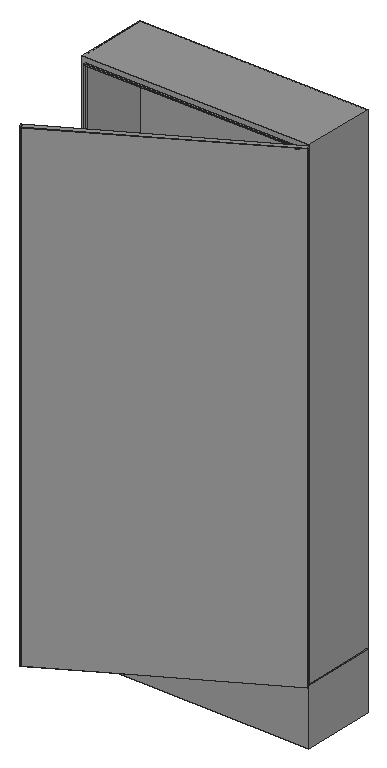
Revit family "Hager-Univers-IP55-D275-H1900-Cl.I-Steel_encl-NoHosted-CH-en", category Equipement électrique, Revit 2020
Family settings
  Configuration du panneau = Deux colonnes, circuits au sein
  Cote de connecteur circulaire = Utiliser le diamètre
  Type d'élément = Tableau de raccordement
  Basée sur le plan de construction = Oui
  Toujours verticalement = Oui
  Couper avec des vides une fois chargée = Non
  Partagée = Non
  Point de calcul de pièce = Non
Parameters (values of type "Floor installation IP55 W800 H1900 D275  - FR13E2")
  Width Control [instance] = if([EF000008 - Width] > Min Width, [EF000008 - Width], Min Width)  # 800 mm
  Commentaires du type = [HG000003 - Range]  # "Univers"
  Thickness Door [instance] = if([EF009171 - Material plate thickness door/cover] > 3 mm, 3 mm, [EF009171 - Material plate thickness door/cover])  # 1.5 mm
  Seal Frame Offset [instance] = 17 mm  # constant formula
  Plinth Visibility [instance] = [HG000027 - Plinth height] > 0 mm  # yes
  Min Width [instance] = 100 mm  # constant formula
  Min Depth [instance] = (2 * [EF009170 - Material plate thickness cabinet]) + 1 mm  # 4 mm
  Min Height [instance] = 100 mm  # constant formula
  Internal Frame Depth [instance] = (Door System Depth * 0.5)  # 9 mm
  Panel Name [instance] = ""  # (empty or 0)
  Model = ""
  HG000027 - Plinth height = 200 mm
  HG000026 - Floor standing = yes
  HG000024 - Bottom section height = 600 mm
  HG000023 - Double section enclosure = no
  HG000016 - Door 3d visibility [instance] = yes
  HG000015 - Clearance visibility [instance] = no
  HG000014 - Door on the right [instance] = yes
  HG000013 - Door on the left [instance] = not([HG000014 - Door on the right])  # no
  HG000012 - Door swing angle [instance] = 30.00°
  HG000010 - Asymmetric doors = no
  HG000009 - Double swing door = no
  HG000006 - Flush mounted = no
  HG000004 - Manufacturer reference = "FR13E2"
  HG000003 - Range = "Univers"
  HG000002 - With door or cover = yes
  Frame Offset Bottom [instance] = 10 mm  # constant formula
  Frame Offset [instance] = 15 mm  # constant formula
  EF015940 - Cover with overpressure release = no
  EF011959 - Degree of protection (NEMA) = ""
  EF009554 - Number of openings for flange plates = 6
  EF009212 - Cover model = "EV000116 - Closed"
  EF009171 - Material plate thickness door/cover = 1.5 mm
  EF009170 - Material plate thickness cabinet = 1.5 mm
  EF008873 - Nominal current (In) = 800 A
  EF007800 - Suitable for lightning protection = no
  EF006306 - With lock = no
  EF006244 - Transparent cover/door = no
  EF005474 - Degree of protection (IP) = "EV006420 - IP55"
  EF004464 - Type of door = "EV002646 - Single"
  EF004427 - Number of modules = 396
  EF004293 - Impact strength = "EV008784 - IK10"
  EF003532 - Suitable for outdoor use = no
  EF002950 - Width in number of modular spacings = 24
  EF001613 - Circuit integrity = "EV000494 - None"
  EF001596 - Material housing = "EV000179 - Steel"
  EF001131 - Internal depth = 275 mm
  EF001088 - Extension possible = yes
  EF000437 - Number of conduit inlets = 6
  EF000339 - Type of cover = "EV004216 - Door"
  EF000266 - Number of rows = 11
  EF000218 - Built-in depth = 0 mm
  EF000118 - With mounting plate = no
  EF000116 - RAL-number = "7035"
  EF000049 - Depth = 275 mm
  EF000040 - Height = 1900 mm
  EF000008 - Width = 800 mm
  EF000007 - Colour = "EV000270 - Grey"
  EF000003 - Mounting method = "EV012274 - Floor installation"
  Door System Leaf Tolerance [instance] = 1.5 mm  # constant formula
  Door System Depth [instance] = 18 mm  # constant formula
  Door Height [instance] = Height Control - [HG000027 - Plinth height]  # 1700 mm
  Description = ""
  Default Elevation = 1219.2 mm
  Connector Offset [instance] = Height Control / 2  # 950 mm
  Fabricant = "Hager"  # constant formula
  Height Control [instance] = if([EF000040 - Height] > Min Height, [EF000040 - Height], Min Height)  # 1900 mm
  Depth Control [instance] = if([EF000049 - Depth] > Min Depth, [EF000049 - Depth], Min Depth)  # 275 mm
  Bottom Top Plate Trim [instance] = 1.5 mm  # constant formula
  Plinth height Ctrl [instance] = if([HG000027 - Plinth height] > 0 mm, [HG000027 - Plinth height], 12 mm)  # 200 mm
Types (5, lengths in mm): name | Width Control | HG000010 - Asymmetric doors | HG000009 - Double swing door | HG000004 - Manufacturer reference | EF009554 - Number of openings for flange plates | EF004464 - Type of door | EF004427 - Number of modules | EF000437 - Number of conduit inlets | EF000008 - Width
  Floor installation IP55 W1050 H1900 D275  - FR14E2 | 1050 | yes | yes | "FR14E2" | 8 | "EV003602 - Double" | 528 | 8 | 1050
  Floor installation IP55 W1300 H1900 D275  - FR15E2 | 1300 | yes | yes | "FR15E2" | 10 | "EV003602 - Double" | 660 | 10 | 1300
  Floor installation IP55 W300 H1900 D275  - FR11E2 | 300 | no | no | "FR11E2" | 2 | "EV002646 - Single" | 132 | 2 | 300
  Floor installation IP55 W550 H1900 D275  - FR12E2 | 550 | no | no | "FR12E2" | 4 | "EV002646 - Single" | 264 | 4 | 550
  Floor installation IP55 W800 H1900 D275  - FR13E2 | 800 | no | no | "FR13E2" | 6 | "EV002646 - Single" | 396 | 6 | 800
Reference planes
  plane 1 "Center (Front/Back)": y = 0
  plane 2: z = 0
  plane 3 "Center (Left/Right)": x = 0
  plane 4: y = 0
  plane 5: y = 0
  plane 6: z = 0
  plane 7: x = -400
  plane 8: x = 400
  plane 9: x = 398.5
  plane 10: x = -398.5
  plane 11: z = 200
  plane 12: z = 201.5
  plane 13: y = -275
  plane 14: y = -1.5
  plane 15: x = 0
  plane 16: y = -257
  plane 17: y = -273.5
  plane 18: y = -255.5
  plane 19: x = -383.5
  plane 20: x = 383.5
  plane 21: z = 211.5
  plane 22: x = -383
  plane 23: x = 383
  plane 24: z = 200
  plane 25: z = 1900
  plane 26: z = 1900
  plane 27: z = 1883.5
  plane 28: z = 1898.5
Forms (mm)
  Extrusion 1, solid, material "Hager_Steel_RAL7035_Light_Grey", detail levels medium+fine
    sketch origin (-208.679, -4572, 200) x (-1, 0, 0) y (0, -1, 0)
      loop
        line (191.321, -4315) -> (-608.679, -4315) -> (-608.679, -4572) -> (191.321, -4572) -> (191.321, -4315)
    from 0 to 1700
  Extrusion 2, void
    sketch origin (-350.771, -275, 1219.2) x (1, 0, 0) y (0, 0, 1)
      loop
        line (-47.729, 679.3) -> (-47.729, -1017.7) -> (749.271, -1017.7) -> (749.271, 679.3) -> (-47.729, 679.3)
    from -19.5 to -273.5
  Extrusion 3, void
    sketch origin (-290.084, -257, 1219.2) x (1, 0, 0) y (0, 0, 1)
      loop
        line (-93.416, -1007.7) -> (673.584, -1007.7) -> (673.584, 664.3) -> (-93.416, 664.3) -> (-93.416, -1007.7)
    from 0 to -1.5
  Extrusion 4, solid, material "Hager_Steel_RAL7035_Light_Grey", visible <- "Plinth Visibility", detail levels medium+fine
    sketch origin (0, 0, 0) x (1, 0, 0) y (0, 1, 0)
      loop
        line (-400, 0) -> (-400, -257) -> (400, -257) -> (400, 0) -> (-400, 0)
    from 0 to 200 <- "Plinth height Ctrl"
  Extrusion 5, solid, material "Hager_Steel_RAL7035_Light_Grey", detail levels coarse
    sketch origin (0, 0, 0) x (1, 0, 0) y (0, 1, 0)
      loop
        line (-400, 0) -> (-400, -275) -> (400, -275) -> (400, 0) -> (-400, 0)
    from 0 to 1900 <- "Height Control"
  Sweep 6, void
    path in 3D
      loop
        line (-400, -257, 200) -> (400, -257, 200) -> (400, 0, 200) -> (-400, 0, 200) -> (-400, -257, 200)
    profile origin (-400, -128.5, 200) x (1, 0, 0) y (0, 0, 1)
      loop
        line (0, 0) -> (0, -1.5) -> (1.5, -1.5)
        arc (1.5, -1.5) -> (1.061, -0.439) -> (0, 0) r 1.5
  Extrusion 7, solid, material "Hager_Steel_RAL7035_Light_Grey", detail levels fine
    sketch origin (-400, -257, 200) x (1, 0, 0) y (0, 0, 1)
      loop
        line (16.5, 11.5) -> (783.5, 11.5) -> (783.5, 1683.5) -> (16.5, 1683.5) -> (16.5, 11.5)
      loop
        line (15, 10) -> (785, 10) -> (785, 1685) -> (15, 1685) -> (15, 10)
    from 0 to 9 <- "Internal Frame Depth"
Cuts and joins
  Extrusion 2, Extrusion 3 cuts Extrusion 1
  Sweep 6 cuts Extrusion 4
Lines and regions (mm)
  Masking region 1
    outline origin (0, 0, 0) x (1, 0, 0) y (0, 1, 0)
      loop
        line (-400, 0) -> (-400, -275) -> (400, -275) -> (400, 0) -> (-400, 0)
  Masking region 2, detail levels coarse
    outline origin (-290.084, -257, 1219.2) x (-1, 0, 0) y (0, 0, 1)
      loop
        line (-690.084, -1219.2) -> (109.916, -1219.2) -> (109.916, 680.8) -> (-690.084, 680.8) -> (-690.084, -1219.2)
  Masking region 3, detail levels coarse
    outline origin (0, 0, 0) x (0, 1, 0) y (0, 0, 1)
      loop
        line (0, 0) -> (0, 1900) -> (-275, 1900) -> (-275, 0) -> (0, 0)
  Masking region 4, visible <- "Plinth Visibility", detail levels medium+fine
    outline origin (0, 0, 0) x (0, 1, 0) y (0, 0, 1)
      loop
        line (-1.5, 200) -> (-255.5, 200)
        arc (-255.5, 200) -> (-255.939, 198.939) -> (-257, 198.5) r 1.5
        line (-257, 198.5) -> (-257, 0) -> (0, 0) -> (0, 198.5)
        arc (0, 198.5) -> (-1.061, 198.939) -> (-1.5, 200) r 1.5
  Masking region 5, detail levels medium+fine
    outline origin (0, 0, 594.038) x (0, 1, 0) y (0, 0, 1)
      loop
        line (0, -394.038) -> (0, 1305.962) -> (-257, 1305.962) -> (-257, -394.038) -> (0, -394.038)
  Masking region 6, detail levels medium+fine
    outline origin (-359.7, -257, 1211.883) x (-1, 0, 0) y (0, 0, 1)
      loop
        line (-759.7, -1011.883) -> (40.3, -1011.883) -> (40.3, 688.117) -> (-759.7, 688.117) -> (-759.7, -1011.883)
  Masking region 7, visible <- "Plinth Visibility", detail levels medium+fine
    outline origin (-320.334, -257, 1041.368) x (-1, 0, 0) y (0, 0, 1)
      loop
        line (-720.334, -1041.368) -> (79.666, -1041.368) -> (79.666, -842.868)
        arc (79.666, -842.868) -> (78.606, -842.429) -> (78.166, -841.368) r 1.5
        line (78.166, -841.368) -> (-718.834, -841.368)
        arc (-718.834, -841.368) -> (-719.273, -842.429) -> (-720.334, -842.868) r 1.5
        line (-720.334, -842.868) -> (-720.334, -1041.368)
  sketch lines
    curve 1: line (-400, 0, 200) -> (-400, -257, 200)
    curve 2: line (-400, -257, 200) -> (400, -257, 200)
    curve 3: line (400, 0, 200) -> (-400, 0, 200)
    curve 4: line (400, -257, 200) -> (400, 0, 200)
Dimensions and locks
  locked: plane 1 "Center (Front/Back)" to plane 5
  "EF009170 - Material plate thickness cabinet": plane 7 to plane 10
  "EF009170 - Material plate thickness cabinet": plane 8 to plane 9
  equal spacing: plane 7, plane 3 "Center (Left/Right)", plane 8
  "Width Control": plane 7 to plane 8
  "Depth Control": plane 4 to plane 13
  "EF009170 - Material plate thickness cabinet": plane 4 to plane 14
  "Height Control": plane 25 to level
  "HG000027 - Plinth height": plane 11 to level
  "EF009170 - Material plate thickness cabinet": plane 12 to plane 11
  "EF009170 - Material plate thickness cabinet": plane 17 to plane 13
  "EF009170 - Material plate thickness cabinet": plane 18 to plane 16
  "Frame Offset Bottom": plane 21 to plane 12
  "Frame Offset": plane 10 to plane 19
  "Frame Offset": plane 9 to plane 20
  "Door System Depth": plane 16 to plane 13
  "Seal Frame Offset": plane 7 to plane 22
  "Seal Frame Offset": plane 8 to plane 23
  "EF009170 - Material plate thickness cabinet": plane 26 to plane 28
  "Frame Offset": plane 28 to plane 27
  "Connector Offset": plane 2 to connector elem
  "Bottom Top Plate Trim": profile plane to Sweep 6 sketch curve
  "Bottom Top Plate Trim": Sweep 6 sketch curve to Sweep 6 sketch curve
  "Plinth height Ctrl": Masking region 4 sketch curve to level
  "Plinth height Ctrl": Masking region 7 sketch curve to level
  "Thickness Door": Extrusion 7 sketch curve to Extrusion 7 sketch curve  (x4)
  "Bottom Top Plate Trim": radius of Sweep 6 sketch curve
  "Bottom Top Plate Trim": radius of Masking region 4 sketch curve  (x2)
  "Bottom Top Plate Trim": radius of Masking region 7 sketch curve  (x2)
  aligned and locked: Extrusion 2 sketch curve to plane 12
  aligned and locked: Extrusion 2 sketch curve to plane 9
  aligned and locked: Extrusion 2 sketch curve to plane 10
  aligned and locked: Extrusion 2 to plane 14
  aligned and locked: Extrusion 1 sketch curve to plane 4
  aligned and locked: plane 8 to Extrusion 1 sketch curve
  aligned and locked: plane 7 to Extrusion 1 sketch curve
  aligned and locked: Extrusion 2 to plane 18
  aligned and locked: Extrusion 3 sketch curve to plane 19
  aligned and locked: plane 20 to Extrusion 3 sketch curve
  aligned and locked: Extrusion 3 to Extrusion 2
  aligned and locked: Extrusion 3 sketch curve to plane 21
  aligned and locked: plane 3 "Center (Left/Right)" to nested 1
  aligned and locked: Extrusion 1 sketch curve to plane 16
  aligned and locked: Extrusion 4 sketch curve to cut or joined group of Extrusion 1, Extrusion 2, Extrusion 3
  aligned and locked: Masking region 1 sketch curve to plane 7
  aligned and locked: Masking region 1 sketch curve to plane 5
  aligned and locked: Masking region 1 sketch curve to plane 8
  aligned and locked: Masking region 2 sketch curve to level
  aligned and locked: level to Masking region 3 sketch curve
  aligned and locked: plane 1 "Center (Front/Back)" to Masking region 3 sketch curve
  aligned and locked: plane 13 to Masking region 3 sketch curve
  aligned and locked: plane 5 to Masking region 4 sketch curve
  aligned and locked: Masking region 2 sketch curve to plane 8
  aligned and locked: Masking region 2 sketch curve to plane 7
  aligned and locked: plane 7 to nested 2
  aligned and locked: nested 2 to plane 5
  aligned and locked: plane 5 to Masking region 5 sketch curve
  aligned and locked: plane 26 to Masking region 5 sketch curve
  aligned and locked: Extrusion 5 sketch curve to plane 8
  aligned and locked: Extrusion 5 sketch curve to plane 7
  aligned and locked: Extrusion 5 sketch curve to plane 5
  aligned and locked: Extrusion 3 sketch curve to plane 27
  aligned and locked: Extrusion 2 sketch curve to plane 28
  aligned and locked: Masking region 2 to plane 25
  aligned and locked: Extrusion 4 to plane 16
  aligned and locked: profile plane to Sweep 6 sketch curve
  aligned and locked: Masking region 5 sketch curve to plane 24
  aligned and locked: level to Masking region 4 sketch curve
  aligned and locked: Masking region 1 to plane 13
  aligned and locked: nested 1 to plane 16
  aligned and locked: Masking region 3 to plane 25
  aligned and locked: plane 16 to Masking region 4 sketch curve
  aligned and locked: Masking region 5 sketch curve to plane 16
  aligned and locked: plane 24 to plane 11
  aligned and locked: plane 26 to plane 25
  aligned and locked: plane 26 to cut or joined group of Extrusion 1, Extrusion 2, Extrusion 3
  aligned and locked: nested 1 to plane 24
  aligned and locked: Extrusion 1 to Extrusion 3
  aligned and locked: Masking region 6 sketch curve to plane 8
  aligned and locked: Masking region 6 sketch curve to plane 24
  aligned and locked: Masking region 6 sketch curve to plane 7
  aligned and locked: Masking region 6 sketch curve to plane 26
  aligned and locked: Masking region 7 sketch curve to plane 7
  aligned and locked: level to Masking region 7 sketch curve
  aligned and locked: Masking region 7 sketch curve to plane 8
  aligned and locked: Extrusion 7 sketch curve to cut or joined group of Extrusion 1, Extrusion 2, Extrusion 3  (x4)
Automatic sketch dimensions
  plane 19 to Extrusion 3 sketch curve = 0 mm
  Extrusion 3 sketch curve to plane 20 = 0 mm
  Extrusion 3 sketch curve to plane 21 = 0 mm
  Extrusion 4 sketch curve to plane 7 = 0 mm
  Extrusion 4 sketch curve to plane 8 = 0 mm
  Extrusion 4 sketch curve to plane 16 = 0 mm
  Masking region 1 sketch curve to plane 13 = 0 mm
  Masking region 2 sketch curve to plane 25 = 0 mm
  Masking region 3 sketch curve to plane 25 = 0 mm
  Extrusion 5 sketch curve to plane 13 = 0 mm
  profile plane to Sweep 6 sketch curve = 0 mm
Nested families
  nested 1: "EC000058_Univers_Door" at (0, -257, 200), Double <- "HG000009 - Double swing door", Transparent <- "EF006244 - Transparent cover/door", Angle <- "HG000012 - Door swing angle", Door_Right <- "HG000014 - Door on the right", Assymetrical <- "HG000010 - Asymmetric doors", Door <- "HG000002 - With door or cover", Width_Ctrl <- "Width Control", 3d_Door <- "HG000016 - Door 3d visibility", Clearance <- "HG000015 - Clearance visibility", Door_Left <- "HG000013 - Door on the left", Width <- "Width Control", Door_Depth <- "Door System Depth", Leaf_Tolerance <- "Door System Leaf Tolerance", Height <- "Door Height", Lock_Visibility <- "EF006306 - With lock", Thickness <- "Thickness Door", type "EC000058_Univers_Door", detail levels medium+fine
    with min_wh 4 mm, Width_Ctrl 800 mm, Width 800 mm, Transparent no, Thickness 1.5 mm, Seal_Material Hager_Rubber, Lock_Visibility no, Lock_Material Hager_Plastic_RAL9005_Jet_Black, Leaf_Width 800 mm, Leaf_Tolerance_External_Sides 0 mm, Leaf_Tolerance 1.5 mm, Leaf_Offset 0 mm, Leaf_Height 1697 mm, Leaf_2_Width 800 mm, Leaf_2_Offset 400 mm, Leaf_1_Width 800 mm, Leaf_1_Offset 400 mm, Height_Ctrl 1700 mm, Height 1700 mm, Glass_Material Hager_Glass, Double_Clearance_Ctrl no, Double no, Door_Right_Ctrl yes, Door_Right yes, Door_Material Hager_Steel_RAL7035_Light_Grey, Door_Left_Ctrl no, Door_Left no, Door_Depth 18 mm, Door yes, Clearance_Material Hager_Clearance, Clearance_Depth 800 mm, Clearance_Ctrl no, Clearance no, Assymetrical no, Angle 30.00°, 3d_Door yes
  nested 2: "Hager_Enclosure_Symbol" at (-400, 0, 0), Height <- "Depth Control", Width <- "Width Control", type "Hager_Enclosure_Symbol"
    with Width_Ctrl 800 mm, Width 800 mm, Height_Ctrl 275 mm, Height 275 mm, A_Width_Int 18.047 mm, A_Width 216.562 mm, A_Height_Ctrl 240.625 mm, A_Height 240.625 mm
Connectors
  electrical at (0, 0, 950)
    settings: on plane 1 "Center (Front/Back)", index 1, voltage 0 V, apparent load 0 VA, apparent load phase1 0 VA, apparent load phase2 0 VA, apparent load phase3 0 VA, power factor 1, load classification "Other", number of poles 1, system type 30, power factor state 1, is connector primary yes, connector utility no, sub classification motor no, connector description ""
Definition of nested family "EC000058_Univers_Door"
  Parameters (values of type "EC000058_Univers_Door")
    min_wh [instance] = (2 * Thickness) + 1 mm  # 11 mm
    Width_Ctrl [instance] = 400 mm
    Width [instance] = 500 mm
    Transparent [instance] = yes
    Thickness [instance] = 5 mm
    Seal_Material [instance] = none
    Lock_Visibility [instance] = yes
    Lock_Material [instance] = none
    Leaf_Width [instance] = if((Width_Ctrl - 2 * Leaf_Tolerance_External_Sides) > 0 mm, (Width_Ctrl - 2 * Leaf_Tolerance_External_Sides), min_wh)  # 400 mm
    Leaf_Tolerance_External_Sides [instance] = 0 mm  # constant formula
    Leaf_Tolerance [instance] = 1.5 mm
    Leaf_Offset [instance] = 0 mm  # constant formula
    Leaf_Height [instance] = if((Height_Ctrl - 2 * Leaf_Tolerance) > 0 mm, (Height_Ctrl - 2 * Leaf_Tolerance), min_wh)  # 497 mm
    Leaf_2_Width [instance] = if(and(and(Double, Assymetrical), Door_Left), (Leaf_Width / 3) - (Leaf_Tolerance / 2), if(and(and(Double, Assymetrical), Door_Right), (Leaf_Width / 3) * 2 - (Leaf_Tolerance / 2), if(and(Double, not(Assymetrical)), (Leaf_Width / 2) - Leaf_Tolerance, Leaf_Width)))  # 400 mm
    Leaf_2_Offset [instance] = if(and(Double, Assymetrical), Leaf_2_Width / 2, if(and(Double, not(Assymetrical)), Leaf_Width / 4, Leaf_Width / 2))  # 200 mm
    Leaf_1_Width [instance] = if(and(and(Double, Assymetrical), Door_Right), (Leaf_Width / 3) - (Leaf_Tolerance / 2), if(and(and(Double, Assymetrical), Door_Left), (Width / 3) * 2 - (Leaf_Tolerance / 2), if(and(Double, not(Assymetrical)), (Leaf_Width / 2) - Leaf_Tolerance, Leaf_Width)))  # 400 mm
    Leaf_1_Offset [instance] = if(and(Double, Assymetrical), Leaf_1_Width / 2, if(and(Double, not(Assymetrical)), Leaf_Width / 4, Leaf_Width / 2))  # 200 mm
    Height_Ctrl [instance] = if(Height > min_wh, Height, min_wh)  # 500 mm
    Height [instance] = 500 mm
    Glass_Material [instance] = none
    Double_Clearance_Ctrl [instance] = and(Double, Clearance)  # no
    Double [instance] = no
    Door_Right_Ctrl [instance] = and(or(Door_Right, Double), Door)  # yes
    Door_Right [instance] = yes
    Door_Material [instance] = none
    Door_Left_Ctrl [instance] = and(or(Door_Left, Double), Door)  # no
    Door_Left [instance] = no
    Door_Depth [instance] = 30 mm
    Door [instance] = yes
    Default Elevation = 1219.2 mm
    Clearance_Material [instance] = none
    Clearance_Depth [instance] = if(Leaf_1_Width > Leaf_2_Width, Leaf_1_Width, Leaf_2_Width)  # 400 mm
    Clearance_Ctrl [instance] = and(not(Double), Clearance)  # yes
    Clearance [instance] = yes
    Assymetrical [instance] = yes
    Angle [instance] = 30.00°
    3d_Door [instance] = yes
  Reference planes
    plane 1 "Center (Front/Back)": y = 0
    plane 2 "Bottom": z = 0
    plane 3 "Center (Left/Right)": x = 0
    plane 4: z = 500
    plane 5: x = -200
    plane 6: x = 200
    plane 7: z = 500
    plane 8: x = -200
    plane 9: z = 0
    plane 10: x = 200
    plane 11: y = 0
    plane 12: z = 1.5
    plane 13: x = -600
    plane 14: y = -400
    plane 15: x = 600
    plane 16: x = 0
    plane 17: x = 0
    plane 18: x = -200
    plane 19: x = 200
    plane 20: z = 498.5
  Forms (mm)
    Extrusion 1, solid, material <- "Clearance_Material", visible <- "Double_Clearance_Ctrl"
      sketch origin (1200, 0, 0) x (1, 0, 0) y (0, 0, -1)
        loop
          line (-1800, -498.5) -> (-600, -498.5) -> (-600, 0) -> (-1800, 0) -> (-1800, -498.5)
      from 0 to -400
  Dimensions and locks
    equal spacing: plane 5, plane 3 "Center (Left/Right)", plane 6
    "Width_Ctrl": plane 5 to plane 6
    "Leaf_Offset": plane 5 to plane 8
    "Leaf_Offset": plane 6 to plane 10
    "Leaf_Offset": plane 9 to level
    "Leaf_Offset": plane 4 to plane 7
    "Height_Ctrl": plane 4 to level
    "Leaf_Tolerance": plane 12 to plane 9
    locked: plane 11 to plane 1 "Center (Front/Back)"
    "Leaf_1_Offset": plane 18 to plane 16
    "Leaf_2_Offset": plane 17 to plane 19
    "Leaf_1_Width": plane 13 to plane 8
    "Leaf_2_Width": plane 10 to plane 15
    "Clearance_Depth": plane 14 to plane 1 "Center (Front/Back)"
    "Leaf_Tolerance_External_Sides": plane 8 to plane 18
    "Leaf_Tolerance_External_Sides": plane 19 to plane 10
    "Leaf_Tolerance": plane 7 to plane 20
    aligned and locked: level to plane 2 "Bottom"
    aligned and locked: nested 1 to plane 16
    aligned and locked: nested 2 to plane 17
    aligned and locked: Extrusion 1 to plane 13
    aligned and locked: plane 15 to Extrusion 1
    aligned and locked: Extrusion 1 to plane 14
    aligned and locked: plane 12 to nested 1
    aligned and locked: nested 2 to plane 12
    aligned and locked: Extrusion 1 to plane 11
    aligned and locked: plane 20 to Extrusion 1
    aligned and locked: nested 2 to plane 11
    aligned and locked: nested 1 to plane 11
  Automatic sketch dimensions
    Extrusion 1 sketch curve to level = 0 mm
    plane 5 to Extrusion 1 sketch curve = 400 mm
    plane 6 to Extrusion 1 sketch curve = 400 mm
    Extrusion 1 sketch curve to plane 4 = 1.5 mm
  Nested families
    nested 1: "EC000058_Univers_Door_Leaf" at (0, 0, 1.5), Width <- "Leaf_1_Width", visible <- "Door_Left_Ctrl", Leaf_Height <- "Leaf_Height", Angle <- "Angle", 3d_Door <- "3d_Door", Transparent <- "Transparent", Clearance Material <- "Clearance_Material", Clearance <- "Clearance_Ctrl", Door_Material <- "Door_Material", Glass_Material <- "Glass_Material", Door_Depth <- "Door_Depth", Lock_Material <- "Lock_Material", Seal_Material <- "Seal_Material", Lock_Visibility <- "Lock_Visibility", Thickness <- "Thickness", type "EC000058_Univers_Door_Leaf"
      with Width 400 mm, Transparent_Glass_Offset 30 mm, Transparent_Ctrl yes, Transparent yes, Thickness 5 mm, Standard no, Seal_Material none, Seal_D2 8 mm, Seal_D1 1 mm, Offset_Internal_Frame 10 mm, Lock_Width 20 mm, Lock_Visibility_3d yes, Lock_Visibility yes, Lock_Thickness_3 3 mm, Lock_Thickness_2 1 mm, Lock_Thickness_1 3 mm, Lock_Radius_Offset_2 16 mm, Lock_Radius_Offset_1 15 mm, Lock_Radius_2 5 mm, Lock_Radius 6 mm, Lock_Offset 5 mm, Lock_Material none, Lock_Height 80 mm, Lock_Cover_Top_Offset_2d 17 mm, Lock_Cover_Height -65 mm, Leaf_Height 497 mm, Internal_Seal_Thickness 8 mm, Internal_Seal_Depth_2 4.5 mm, Internal_Frame_Depth 25 mm, Glass_Thickness -1 mm, Glass_Offset -2 mm, Glass_Material none, Door_Material none, Door_Depth 30 mm, Clearance Material none, Clearance yes, Angle_Ctrl 30.00°, Angle 30.00°, 3d_Door yes
    nested 2: "EC000058_Univers_Door_Leaf" at (0, 0, 1.5) x (-1, 0, 0) z (0, 0, 1), Width <- "Leaf_2_Width", visible <- "Door_Right_Ctrl", Leaf_Height <- "Leaf_Height", Angle <- "Angle", 3d_Door <- "3d_Door", Transparent <- "Transparent", Clearance Material <- "Clearance_Material", Clearance <- "Clearance_Ctrl", Door_Material <- "Door_Material", Glass_Material <- "Glass_Material", Door_Depth <- "Door_Depth", Lock_Material <- "Lock_Material", Seal_Material <- "Seal_Material", Lock_Visibility <- "Lock_Visibility", Thickness <- "Thickness", type "EC000058_Univers_Door_Leaf"
      with Width 400 mm, Transparent_Glass_Offset 30 mm, Transparent_Ctrl yes, Transparent yes, Thickness 5 mm, Standard no, Seal_Material none, Seal_D2 8 mm, Seal_D1 1 mm, Offset_Internal_Frame 10 mm, Lock_Width 20 mm, Lock_Visibility_3d yes, Lock_Visibility yes, Lock_Thickness_3 3 mm, Lock_Thickness_2 1 mm, Lock_Thickness_1 3 mm, Lock_Radius_Offset_2 16 mm, Lock_Radius_Offset_1 15 mm, Lock_Radius_2 5 mm, Lock_Radius 6 mm, Lock_Offset 5 mm, Lock_Material none, Lock_Height 80 mm, Lock_Cover_Top_Offset_2d 17 mm, Lock_Cover_Height -65 mm, Leaf_Height 497 mm, Internal_Seal_Thickness 8 mm, Internal_Seal_Depth_2 4.5 mm, Internal_Frame_Depth 25 mm, Glass_Thickness -1 mm, Glass_Offset -2 mm, Glass_Material none, Door_Material none, Door_Depth 30 mm, Clearance Material none, Clearance yes, Angle_Ctrl 30.00°, Angle 30.00°, 3d_Door yes
  Definition of nested family "EC000058_Univers_Door_Leaf"
    Parameters (values of type "EC000058_Univers_Door_Leaf")
      Width [instance] = 2000 mm
      Transparent_Glass_Offset [instance] = 30 mm
      Transparent_Ctrl [instance] = and(Transparent, [3d_Door])  # yes
      Transparent [instance] = yes
      Thickness [instance] = 5 mm
      Standard [instance] = and(not(Transparent), [3d_Door])  # no
      Seal_Material [instance] = none
      Seal_D2 [instance] = 8 mm  # constant formula
      Seal_D1 [instance] = 1 mm  # constant formula
      Offset_Internal_Frame [instance] = 10 mm  # constant formula
      Lock_Width [instance] = 20 mm  # constant formula
      Lock_Visibility_3d [instance] = and(Lock_Visibility, [3d_Door])  # yes
      Lock_Visibility [instance] = yes
      Lock_Thickness_3 [instance] = 3 mm  # constant formula
      Lock_Thickness_2 [instance] = 1 mm  # constant formula
      Lock_Thickness_1 [instance] = 3 mm  # constant formula
      Lock_Radius_Offset_2 [instance] = Lock_Radius_Offset_1 + 1 mm  # 16 mm
      Lock_Radius_Offset_1 [instance] = 15 mm  # constant formula
      Lock_Radius_2 [instance] = Lock_Radius - 1 mm  # 5 mm
      Lock_Radius [instance] = 6 mm  # constant formula
      Lock_Offset [instance] = 5 mm  # constant formula
      Lock_Material [instance] = none
      Lock_Height [instance] = 80 mm  # constant formula
      Lock_Cover_Top_Offset_2d [instance] = Lock_Radius_Offset_2 + 1 mm  # 17 mm
      Lock_Cover_Height [instance] = -(Lock_Height - Lock_Radius_Offset_1)  # -65 mm
      Leaf_Height [instance] = 2720.336 mm
      Internal_Seal_Thickness [instance] = 8 mm  # constant formula
      Internal_Seal_Depth_2 [instance] = 4.5 mm  # constant formula
      Internal_Frame_Depth [instance] = if(Door_Depth - Thickness > 5 mm, Door_Depth - Thickness, 5 mm)  # 25 mm
      Glass_Thickness [instance] = if(Thickness > 15 mm, Glass_Offset + 10 mm, -1 mm)  # -1 mm
      Glass_Offset [instance] = if(Thickness > 15 mm, -(Thickness + 10 mm) / 2, -2 mm)  # -2 mm
      Glass_Material [instance] = none
      Door_Material [instance] = none
      Door_Depth [instance] = 30 mm
      Default Elevation = 0 mm
      Clearance Material [instance] = none
      Clearance [instance] = yes
      Angle_Ctrl [instance] = if(Angle > 180.00°, 180.00°, Angle)  # 90.00°
      Angle [instance] = 90.00°
      3d_Door [instance] = yes
    Reference planes
      plane 1 "Center (Front/Back)": y = 0
      plane 2: z = 0
      plane 3 "Center (Left/Right)": x = 0
      plane 4: y = 2000
      plane 5: x = -1000
      plane 6: x = 1000
      plane 7: x = -3000
      plane 8: z = 2720.336
      plane 9: z = 30
      plane 10: z = 2690.336
      plane 11: x = 970
      plane 12: x = -970
      plane 13: y = -3
      plane 14: z = 107.833
      plane 15: y = -5
      plane 16: y = -223.314
      plane 17: x = -1000
      plane 18: z = 1360.168
      plane 19: y = 30
    Forms (mm)
      Extrusion 1, solid, material <- "Clearance Material", visible <- "Clearance"
        sketch origin (0, 0, 0) x (1, 0, 0) y (0, 0, 1)
          loop
            line (-3000, 2720.336) -> (-3000, 0) -> (1000, 0) -> (1000, 2720.336) -> (-3000, 2720.336)
        from 0 to -2000
      Extrusion 2, solid, material <- "Door_Material", visible <- "Standard", detail levels medium+fine
        sketch origin (-1000, 0, 0) x (0, 1, 0) y (-1, 0, 0)
          loop
            line (0, 30) -> (0, 25) -> (2000, 25) -> (2000, 30) -> (0, 30)
        from 0 to 2720.336 <- "Leaf_Height"
      Extrusion 3, solid, material <- "Door_Material", visible <- "Transparent_Ctrl", detail levels medium+fine
        sketch origin (-1000, 0, 0) x (0, 1, 0) y (-1, 0, 0)
          loop
            line (0, 25) -> (2000, 25) -> (2000, 30) -> (0, 30) -> (0, 25)
        from 0 to 2720.336 <- "Leaf_Height"
      Extrusion 4, void
        sketch origin (-1025, 2000, 0) x (0, 1, 0) y (0, 0, -1)
          loop
            line (-30, -2690.336) -> (-30, -30) -> (-1970, -30) -> (-1970, -2690.336) -> (-30, -2690.336)
        from 0 to 5 <- "Thickness"
      Sweep 5, solid, material <- "Seal_Material", visible <- "Transparent_Ctrl", detail levels fine
        path in 3D
          loop
            line (-1025, 30, 30) -> (-1025, 30, 2690.336) -> (-1025, 1970, 2690.336) -> (-1025, 1970, 30) -> (-1025, 30, 30)
        profile origin (-1025, 1000, 30) x (1, 0, 0) y (0, 0, 1)
          loop
            line (0, 0) -> (0, -8) -> (1, -8) -> (1, 0) -> (0, 0)
      Extrusion 6, solid, material <- "Glass_Material", visible <- "Transparent_Ctrl", detail levels medium+fine
        sketch origin (-1030, 0, 0) x (0, 1, 0) y (0, 0, -1)
          loop
            line (1970, -2690.336) -> (1970, -30) -> (30, -30) -> (30, -2690.336) -> (1970, -2690.336)
        from -2 <- "Glass_Offset" to -1 <- "Glass_Thickness"
      Extrusion 7, solid, material <- "Door_Material", visible <- "3d_Door", detail levels medium+fine
        sketch origin (-1025, 2000, 0) x (0, -1, 0) y (0, 0, -1)
          loop
            line (0, -2720.336) -> (2000, -2720.336) -> (2000, 0) -> (0, 0) -> (0, -2720.336)
          loop
            line (1995, -5) -> (5, -5) -> (5, -2715.336) -> (1995, -2715.336) -> (1995, -5)
        from 0 to 25 <- "Internal_Frame_Depth"
      Sweep 8, solid, material <- "Seal_Material", visible <- "Transparent_Ctrl", detail levels fine
        path in 3D
          loop
            line (-1025, 0, 0) -> (-1025, 2000, 0) -> (-1025, 2000, 2720.336) -> (-1025, 0, 2720.336) -> (-1025, 0, 0)
        profile origin (-1025, 0, 1360.168) x (1, 0, 0) y (0, 1, 0)
          loop
            line (0, 10) -> (2.975, 10)
            arc (2.975, 10) -> (4.053, 10.447) -> (4.5, 11.525) r 1.525
            line (4.5, 11.525) -> (4.5, 16.527)
            arc (4.5, 16.527) -> (4.069, 17.569) -> (3.027, 18) r 1.473
            line (3.027, 18) -> (0, 18) -> (0, 10)
      Extrusion 9, solid, material <- "Lock_Material", visible <- "Lock_Visibility_3d", detail levels fine
        sketch origin (-1030, 0, 0) x (0, 1, 0) y (0, 0, -1)
          loop
            arc (1993.5, -1400.168) -> (1994.561, -1399.729) -> (1995, -1398.668) r 1.5
            line (1995, -1398.668) -> (1995, -1320.168) -> (1975, -1320.168) -> (1975, -1398.668)
            arc (1975, -1398.668) -> (1975.439, -1399.729) -> (1976.5, -1400.168) r 1.5
            line (1976.5, -1400.168) -> (1993.5, -1400.168)
        from 3 <- "Lock_Thickness_1" to 0
      Blend 10, solid, material <- "Lock_Material", visible <- "Lock_Visibility_3d", detail levels fine
        base sketch origin (-1033, 0, 0) x (0, 1, 0) y (0, 0, -1)
          loop
            line (1975, -1320.168) -> (1975, -1398.668)
            arc (1975, -1398.668) -> (1975.439, -1399.729) -> (1976.5, -1400.168) r 1.5
            line (1976.5, -1400.168) -> (1993.5, -1400.168)
            arc (1993.5, -1400.168) -> (1994.561, -1399.729) -> (1995, -1398.668) r 1.5
            line (1995, -1398.668) -> (1995, -1320.168) -> (1975, -1320.168)
        top sketch origin (-1033, 0, 0) x (0, 1, 0) y (0, 0, -1)
          loop
            line (1976, -1320.168) -> (1976, -1398.668)
            arc (1976, -1398.668) -> (1976.146, -1399.022) -> (1976.5, -1399.168) r 0.5
            line (1976.5, -1399.168) -> (1993.5, -1399.168)
            arc (1993.5, -1399.168) -> (1993.854, -1399.022) -> (1994, -1398.668) r 0.5
            line (1994, -1398.668) -> (1994, -1320.168) -> (1976, -1320.168)
        from 0 to 1 <- "Lock_Thickness_2"
      Blend 11, solid, material <- "Lock_Material", visible <- "Lock_Visibility_3d", detail levels fine
        base sketch origin (-1034, 0, 0) x (0, 1, 0) y (0, 0, -1)
          loop
            line (1978, -1320.168) -> (1978, -1384.168)
            arc (1978, -1384.168) -> (1985, -1391.168) -> (1992, -1384.168) r 7
            line (1992, -1384.168) -> (1992, -1320.168) -> (1978, -1320.168)
        top sketch origin (-1034, 0, 0) x (0, 1, 0) y (0, 0, -1)
          loop
            line (1991, -1320.168) -> (1979, -1320.168) -> (1979, -1383.168)
            arc (1979, -1383.168) -> (1985, -1389.168) -> (1991, -1383.168) r 6
            line (1991, -1383.168) -> (1991, -1320.168)
        from 0 to 3 <- "Lock_Thickness_3"
      Extrusion 12, solid, material <- "Lock_Material", visible <- "Lock_Visibility_3d", detail levels fine
        sketch origin (-1030, 1975, 1320.168) x (1, 0, 0) y (0, -1, 0)
          loop
            line (-7, -19) -> (-7, -1) -> (0, -1) -> (0, 0) -> (-8, 0) -> (-8, -20) -> (0, -20) -> (0, -19) -> (-7, -19)
        from 0 to -65 <- "Lock_Cover_Height"
      Extrusion 13, void
        sketch origin (-1038, 1995, 1320.168) x (-1, 0, 0) y (0, 0, -1)
          loop
            line (-5, -65) -> (0, -65) -> (-5, -60) -> (-5, -65)
        from 0 to 20 <- "Lock_Width"
      Extrusion 14, void
        sketch origin (-1038, 1975, 1320.168) x (0, -1, 0) y (0, 0, -1)
          loop
            circle (-10, -15.995) r 6
          loop
            circle (-10, -15.995) r 5
        from 0 to 2
      Extrusion 15, solid, material <- "Lock_Material", visible <- "Lock_Visibility_3d", detail levels medium
        sketch origin (-1030, 0, 0) x (0, 1, 0) y (0, 0, -1)
          loop
            arc (1993.5, -1400.168) -> (1994.561, -1399.729) -> (1995, -1398.668) r 1.5
            line (1995, -1398.668) -> (1995, -1320.168) -> (1975, -1320.168) -> (1975, -1398.668)
            arc (1975, -1398.668) -> (1975.439, -1399.729) -> (1976.5, -1400.168) r 1.5
            line (1976.5, -1400.168) -> (1993.5, -1400.168)
        from 8 to 0
    Cuts and joins
      Extrusion 4 cuts Extrusion 3
      Extrusion 13, Extrusion 14 cuts Extrusion 9
      Extrusion 14 cuts Blend 11
      Extrusion 13, Extrusion 14 cuts Extrusion 12
      joined: Extrusion 9, Blend 10, Blend 11, Extrusion 12
      Extrusion 14 cuts Extrusion 15
    Lines and regions (mm)
      Masking region 1, visible <- "Lock_Visibility", detail levels fine
        outline origin (0, 0, 0) x (0, 1, 0) y (0, 0, 1)
          loop
            line (30, 1320.168) -> (33, 1320.168) -> (33, 1400.168) -> (30, 1400.168) -> (30, 1320.168)
      Masking region 2, visible <- "Lock_Visibility", detail levels fine
        outline origin (0, 3.143, 0) x (0, 1, 0) y (0, 0, 1)
          loop
            line (29.857, 1354.168) -> (30.857, 1354.168) -> (30.857, 1366.168) -> (29.857, 1366.168) -> (29.857, 1354.168)
      Masking region 3, detail levels medium+fine
        outline origin (0, 0, 0) x (0, 1, 0) y (0, 0, 1)
          loop
            line (0, 0) -> (30, 0) -> (30, 2720.336) -> (0, 2720.336) -> (0, 0)
      Masking region 4, detail levels medium+fine
        outline origin (0, 0, 0) x (1, 0, 0) y (0, 0, 1)
          loop
            line (-1000, 2720.336) -> (-1000, 0) -> (1000, 0) -> (1000, 2720.336) -> (-1000, 2720.336)
      Masking region 5, visible <- "Lock_Visibility", detail levels fine
        outline origin (-47.116, 0, 0) x (1, 0, 0) y (0, 0, 1)
          loop
            arc (1024.616, 1399.168) -> (1023.556, 1398.729) -> (1023.116, 1397.668) r 1.5
            line (1023.116, 1397.668) -> (1023.116, 1320.168) -> (1041.116, 1320.168) -> (1041.116, 1397.668)
            arc (1041.116, 1397.668) -> (1040.677, 1398.729) -> (1039.616, 1399.168) r 1.5
            line (1039.616, 1399.168) -> (1024.616, 1399.168)
      Masking region 6, visible <- "Lock_Visibility", detail levels medium+fine
        outline origin (-25, 0, 0) x (1, 0, 0) y (0, 0, 1)
          loop
            arc (1001.5, 1400.168) -> (1000.439, 1399.729) -> (1000, 1398.668) r 1.5
            line (1000, 1398.668) -> (1000, 1320.168) -> (1020, 1320.168) -> (1020, 1398.668)
            arc (1020, 1398.668) -> (1019.561, 1399.729) -> (1018.5, 1400.168) r 1.5
            line (1018.5, 1400.168) -> (1001.5, 1400.168)
      Masking region 7, visible <- "Lock_Visibility", detail levels fine
        outline origin (-73.735, 0, 0) x (1, 0, 0) y (0, 0, 1)
          loop
            line (1051.735, 1382.168) -> (1065.735, 1382.168) -> (1065.735, 1384.168)
            arc (1065.735, 1384.168) -> (1058.735, 1391.168) -> (1051.735, 1384.168) r 7
            line (1051.735, 1384.168) -> (1051.735, 1382.168)
      Masking region 8, visible <- "Lock_Visibility", detail levels fine
        outline origin (-73.735, 0, 0) x (1, 0, 0) y (0, 0, 1)
          loop
            line (1052.735, 1382.168) -> (1064.735, 1382.168) -> (1064.735, 1383.168)
            arc (1064.735, 1383.168) -> (1058.735, 1389.168) -> (1052.735, 1383.168) r 6
            line (1052.735, 1383.168) -> (1052.735, 1382.168)
      Masking region 9, visible <- "Lock_Visibility", detail levels fine
        outline origin (-25, 0, 0) x (1, 0, 0) y (0, 0, 1)
          loop
            line (1020, 1320.168) -> (1020, 1382.168) -> (1000, 1382.168) -> (1000, 1320.168) -> (1020, 1320.168)
      Masking region 10, detail levels medium+fine
        outline origin (0, 0, 0) x (1, 0, 0) y (0, 0, 1)
          loop
            circle (985, 1335.144) r 6
      Masking region 11, detail levels fine
        outline origin (0, 0, 0) x (1, 0, 0) y (0, 0, 1)
          loop
            circle (985, 1335.144) r 5
      Masking region 12, visible <- "Lock_Visibility", detail levels fine
        outline origin (0, 12.767, 0) x (0, 1, 0) y (0, 0, 1)
          loop
            line (20.233, 1320.168) -> (21.233, 1320.168) -> (21.233, 1399.168) -> (20.233, 1400.168) -> (20.233, 1320.168)
      Masking region 13, visible <- "Lock_Visibility", detail levels fine
        outline origin (0, 13.767, -10) x (0, 1, 0) y (0, 0, 1)
          loop
            line (20.233, 1330.168) -> (23.233, 1330.168) -> (23.233, 1399.168) -> (20.233, 1402.168) -> (20.233, 1330.168)
      Masking region 14, visible <- "Lock_Visibility", detail levels fine
        outline origin (0, 12.767, -10) x (0, 1, 0) y (0, 0, 1)
          loop
            line (20.233, 1330.168) -> (25.233, 1330.168) -> (25.233, 1399.305) -> (20.233, 1394.305) -> (20.233, 1330.168)
      Masking region 15, visible <- "Lock_Visibility", detail levels medium
        outline origin (0, 0, 0) x (0, 1, 0) y (0, 0, 1)
          loop
            line (30, 1320.168) -> (38, 1320.168) -> (38, 1400.168) -> (30, 1400.168) -> (30, 1320.168)
      Masking region 16, visible <- "Lock_Visibility", detail levels fine
        outline origin (-1000, 0, 0) x (0, 1, 0) y (-1, 0, 0)
          loop
            line (1975, 30) -> (1995, 30) -> (1995, 38) -> (1975, 38) -> (1975, 30)
          loop
            line (1979, 37) -> (1976, 37) -> (1976, 34) -> (1978, 34) -> (1979, 37)
          loop
            line (1994, 37) -> (1991, 37) -> (1992, 34) -> (1994, 34) -> (1994, 37)
      Masking region 17, visible <- "Lock_Visibility", detail levels medium
        outline origin (-1000, 0, 0) x (0, 1, 0) y (-1, 0, 0)
          loop
            line (1975, 30) -> (1995, 30) -> (1995, 38) -> (1975, 38) -> (1975, 30)
      symbolic lines
        curve 1: line (1000, 0, 0) -> (-3000, 0, 0)
        curve 2: arc (1000, 0, 0) -> (-1000, 2000, 0) -> (-3000, 0, 0) r 2000
        curve 4: line (-1030, 0, 0) -> (-1030, 2000, 0)
      reference lines
        curve 3: line (-1000, 0, 0) -> (-1000, 2000, 0)
      symbolic lines, detail levels medium+fine
        curve 5: line (-1030, 2000, 0) -> (-1025, 2000, 0)
        curve 7: line (-1025, 0, 0) -> (-1030, 0, 0)
        curve 8: line (-1025, 0, 0) -> (-1000, 0, 0)
        curve 9: line (-1000, 0, 0) -> (-1000, 2000, 0)
        curve 10: line (-1000, 2000, 0) -> (-1025, 2000, 0)
      symbolic lines, detail levels fine
        curve 6: line (-1025, 2000, 0) -> (-1025, 0, 0)
      sketch lines
        curve 11: line (-1025, 0, 2720.336) -> (-1025, 0, 0)
        curve 12: line (-1025, 2000, 0) -> (-1025, 0, 0)
        curve 13: line (-1025, 2000, 2720.336) -> (-1025, 2000, 0)
        curve 14: line (-1025, 0, 2720.336) -> (-1025, 2000, 2720.336)
        curve 15: line (-1025, 1970, 30) -> (-1025, 30, 30)
        curve 16: line (-1025, 30, 30) -> (-1025, 30, 2690.336)
        curve 17: line (-1025, 1970, 2690.336) -> (-1025, 1970, 30)
        curve 18: line (-1025, 30, 2690.336) -> (-1025, 1970, 2690.336)
      symbolic lines, visible <- "Transparent", detail levels medium+fine
        curve 19: line (-970, 0, 2690.336) -> (970, 0, 2690.336)
        curve 20: line (-970, 0, 30) -> (-970, 0, 2690.336)
        curve 21: line (970, 0, 30) -> (-970, 0, 30)
        curve 22: line (970, 0, 2690.336) -> (970, 0, 30)
    Dimensions and locks
      "Width": plane 1 "Center (Front/Back)" to plane 4
      equal spacing: plane 5, plane 3 "Center (Left/Right)", plane 6
      "Width": plane 5 to plane 6
      "Width": plane 7 to plane 5
      "Leaf_Height": plane 8 to level
      "Width": curve 5 to curve 3
      "Width": curve 3 to curve 3
      plane 8 to plane 10 = 30 mm
      plane 9 to level = 30 mm
      plane 12 to plane 5 = 30 mm
      plane 6 to plane 11 = 30 mm
      Extrusion 1 to Extrusion 4 sketch curve = 30 mm
      "Transparent_Glass_Offset": curve 3 to Extrusion 4 sketch curve
      "Transparent_Glass_Offset": Extrusion 4 sketch curve to cut or joined group of Extrusion 3, Extrusion 4  (x2)
      cut or joined group of Extrusion 3, Extrusion 4 to Extrusion 6 sketch curve = 30 mm
      "Transparent_Glass_Offset": cut or joined group of Extrusion 3, Extrusion 4 to Extrusion 4 sketch curve
      "Thickness": curve 6 to curve 4
      "Thickness": Extrusion 7 sketch curve to Extrusion 7 sketch curve  (x4)
      "Door_Depth": curve 4 to curve 3
      "Offset_Internal_Frame": profile plane to Sweep 8 sketch curve
      "Internal_Seal_Thickness": Sweep 8 sketch curve to Sweep 8 sketch curve
      "Internal_Seal_Depth_2": profile plane to Sweep 8 sketch curve
      "Seal_D1": profile plane to Sweep 5 sketch curve
      "Seal_D2": profile plane to Sweep 5 sketch curve
      "Thickness": Extrusion 2 sketch curve to Extrusion 2 sketch curve
      equal spacing: Extrusion 9 sketch curve, plane 18, Extrusion 9 sketch curve  (x2)
      equal spacing: Masking region 1 sketch curve, plane 18, Masking region 1 sketch curve
      "Lock_Height": Masking region 1 sketch curve to Masking region 1 sketch curve
      "Lock_Radius": Masking region 2 sketch curve to plane 18 to Masking region 2 sketch curve
      Masking region 2 sketch curve to Masking region 1 = 1 mm
      "Door_Depth": plane 19 to plane 1 "Center (Front/Back)"
      "Lock_Thickness_1": Masking region 1 sketch curve to plane 19
      "Lock_Width": Extrusion 9 sketch curve to Extrusion 9 sketch curve
      "Lock_Height": Extrusion 9 sketch curve to Extrusion 9 sketch curve
      "Lock_Offset": cut or joined group of Extrusion 3, Extrusion 4 to Extrusion 9 sketch curve
      equal spacing: plane 8, plane 18, level
      "Lock_Radius_Offset_1": Blend 11 sketch curve to Blend 10
      locked: Blend 10 to Blend 11 sketch curve at 2  (x2)
      locked: var sketch to Blend 11 sketch curve at 1  (x2)
      "Lock_Radius_Offset_2": Blend 11 sketch curve to Blend 10
      locked: Extrusion 12 sketch curve to Extrusion 12 sketch curve at 1  (x3)
      Masking region 6 sketch curve to Masking region 6 sketch curve = 80 mm
      "Lock_Height": Masking region 6 sketch curve to Masking region 6 sketch curve
      "Lock_Width": Masking region 6 sketch curve to Masking region 6 sketch curve
      locked: Masking region 6 to Masking region 5 sketch curve at 1  (x3)
      locked: Masking region 5 to Masking region 7 sketch curve at 2  (x2)
      "Lock_Radius_Offset_1": Masking region 5 to Masking region 7 sketch curve
      "Lock_Radius_Offset_2": Masking region 5 to Masking region 8 sketch curve
      locked: Masking region 7 to Masking region 8 sketch curve at 1  (x2)
      "Lock_Cover_Top_Offset_2d": Masking region 5 to Masking region 9 sketch curve
      equal spacing: Masking region 9, Masking region 10 sketch curve, Masking region 9
      equal spacing: Masking region 9, Masking region 11 sketch curve, Masking region 9
      Extrusion 15 sketch curve to Extrusion 15 sketch curve = 80 mm
      "Lock_Width": Extrusion 15 sketch curve to Extrusion 15 sketch curve
      "Lock_Height": Extrusion 15 sketch curve to Extrusion 15 sketch curve
      equal spacing: Extrusion 15 sketch curve, plane 18, Extrusion 15 sketch curve
      "Lock_Thickness_3": Masking region 13 sketch curve to Masking region 13 sketch curve
      "Lock_Height": Masking region 12 sketch curve to Masking region 12 sketch curve
      locked: Masking region 13 sketch curve to Masking region 1 at 8
      locked: Masking region 14 sketch curve to Masking region 13 at 1
      locked: Masking region 14 sketch curve to Masking region 1 at 10.863
      "Lock_Height": Masking region 15 sketch curve to Masking region 15 sketch curve
      "Lock_Offset": Extrusion 15 sketch curve to cut or joined group of Extrusion 3, Extrusion 4
      "Lock_Offset": plane 6 to Masking region 6 sketch curve
      radius of Sweep 8 sketch curve = 1.525 mm
      radius of Sweep 8 sketch curve = 1.473 mm
      radius of Extrusion 9 sketch curve = 1.5 mm  (x2)
      "Lock_Radius": radius of Extrusion 14 sketch curve
      "Lock_Radius_2": radius of Extrusion 14 sketch curve
      "Lock_Radius": radius of Masking region 10 sketch curve
      "Lock_Radius_2": radius of Masking region 11 sketch curve
      radius of Extrusion 15 sketch curve = 1.5 mm  (x2)
      "Angle_Ctrl": angle plane 1 "Center (Front/Back)" to curve 3
      locked: Masking region 12 sketch curve to Masking region 12 sketch curve (angle 45.00°)
      locked: Masking region 13 sketch curve to Masking region 13 sketch curve (angle 45.00°)
      locked: Masking region 14 sketch curve to Masking region 14 sketch curve (angle 45.00°)
      aligned and locked: level to plane 2
      aligned and locked: Extrusion 1 to curve 1
      aligned and locked: plane 6 to Extrusion 1
      aligned and locked: Extrusion 1 to plane 1 "Center (Front/Back)"
      aligned and locked: plane 4 to Extrusion 1
      aligned and locked: plane 8 to Extrusion 1
      aligned and locked: curve 7 to Extrusion 2 sketch curve
      aligned and locked: curve 5 to Extrusion 2 sketch curve
      aligned and locked: curve 7 to Extrusion 3 sketch curve
      aligned and locked: Extrusion 3 sketch curve to curve 4
      aligned and locked: Extrusion 3 sketch curve to curve 6
      aligned and locked: Extrusion 3 sketch curve to curve 5
      aligned and locked: curve 9 to curve 3
      aligned and locked: Extrusion 7 sketch curve to cut or joined group of Extrusion 3, Extrusion 4  (x4)
      aligned and locked: plane 17 to curve 3
      aligned and locked: plane 1 "Center (Front/Back)" to curve 3
      aligned and locked: plane 17 to plane 5
      aligned and locked: Sweep 8 sketch curve to profile plane
      aligned and locked: Sweep 5 sketch curve to profile plane  (x2)
      aligned and locked: Masking region 1 to Masking region 2 sketch curve
      aligned and locked: plane 19 to Masking region 1 sketch curve
      aligned and locked: plane 1 "Center (Front/Back)" to Masking region 3 sketch curve
      aligned and locked: plane 19 to Masking region 3 sketch curve
      aligned and locked: level to Masking region 3 sketch curve
      aligned and locked: Masking region 3 sketch curve to plane 8
      aligned and locked: plane 17 to Masking region 4 sketch curve
      aligned and locked: level to Masking region 4 sketch curve
      aligned and locked: Masking region 4 sketch curve to plane 8
      aligned and locked: plane 12 to curve 20
      aligned and locked: plane 10 to curve 19
      aligned and locked: plane 11 to curve 22
      aligned and locked: curve 21 to plane 9
      aligned and locked: Extrusion 2 sketch curve to cut or joined group of Extrusion 3, Extrusion 4
      aligned and locked: Blend 10 sketch curve to Extrusion 9  (x4)
      aligned and locked: Extrusion 9 to Blend 10 sketch curve
      aligned and locked: Blend 10 to Blend 11 sketch curve
      aligned and locked: Extrusion 12 sketch curve to Blend 11
      aligned and locked: Extrusion 12 sketch curve to Extrusion 9  (x4)
      aligned and locked: Masking region 5 sketch curve to Masking region 6
      aligned and locked: Masking region 9 sketch curve to Masking region 6  (x3)
      aligned and locked: Masking region 12 sketch curve to Masking region 1
      aligned and locked: Masking region 13 sketch curve to Masking region 1
      aligned and locked: Masking region 12 to Masking region 14
      aligned and locked: Masking region 14 sketch curve to Masking region 1
      aligned and locked: Masking region 15 sketch curve to Masking region 14
      aligned and locked: Masking region 13 sketch curve to Masking region 12
      aligned and locked: Masking region 16 sketch curve to cut or joined group of Extrusion 14, Extrusion 15  (x4)
      aligned and locked: Masking region 16 sketch curve to cut or joined group of Extrusion 9, Blend 10, Blend 11, Extrusion 12, Extrusion 13, Extrusion 14  (x6)
      aligned and locked: cut or joined group of Extrusion 9, Blend 10, Blend 11, Extrusion 12, Extrusion 13, Extrusion 14 to Masking region 16 sketch curve
      aligned and locked: Masking region 17 sketch curve to cut or joined group of Extrusion 14, Extrusion 15  (x3)
      aligned and locked: Masking region 17 sketch curve to cut or joined group of Extrusion 9, Blend 10, Blend 11, Extrusion 12, Extrusion 13, Extrusion 14
      aligned and locked: Masking region 9 to Masking region 8 sketch curve
      aligned and locked: Masking region 9 to Masking region 7 sketch curve
    Automatic sketch dimensions
      plane 1 "Center (Front/Back)" to curve 2 = 0 mm
      curve 2 to plane 5 = 0 mm
      Extrusion 1 sketch curve to level = 0 mm
      Extrusion 1 sketch curve to plane 7 = 0 mm
      Extrusion 1 sketch curve to plane 6 = 0 mm
      Extrusion 1 sketch curve to plane 8 = 0 mm
      Extrusion 3 to Extrusion 6 sketch curve = 30 mm  (x4)
      Masking region 4 sketch curve to plane 6 = 0 mm
      Blend 10 sketch curve to Extrusion 9 = 1.5 mm
      Blend 10 sketch curve to Extrusion 9 = 1 mm
      Extrusion 13 sketch curve to Extrusion 12 = 0 mm  (x2)
      Extrusion 12 to Extrusion 13 sketch curve = 3 mm
      Extrusion 13 sketch curve to Extrusion 12 = 5 mm
      Extrusion 14 sketch curve to Extrusion 14 sketch curve = 0 mm  (x2)
      Extrusion 14 sketch curve to Extrusion 12 = 10 mm
      Extrusion 14 sketch curve to Extrusion 12 = 15.995 mm
      Masking region 5 sketch curve to Masking region 5 sketch curve = 1.5 mm  (x2)
      Masking region 10 sketch curve to plane 18 = 25.024 mm
      Masking region 11 sketch curve to plane 18 = 25.024 mm
      plane 19 to Masking region 14 sketch curve = 3 mm
      Masking region 16 sketch curve to Masking region 16 sketch curve = 3 mm
      curve 4 to curve 3 = 0 mm
      Blend 10 to Blend 11 sketch curve = 0 mm
      Masking region 6 sketch curve to Masking region 6 sketch curve = 1.5 mm  (x2)
      Masking region 6 sketch curve to plane 18 = 40 mm
      plane 19 to Masking region 12 sketch curve = 3 mm
      Masking region 12 sketch curve to Masking region 12 sketch curve = 1 mm
      Masking region 15 sketch curve to plane 19 = 0 mm
      Masking region 15 sketch curve to plane 18 = 40 mm
      radius of Blend 10 sketch curve to Extrusion 9 = 1 mm
Definition of nested family "Hager_Enclosure_Symbol"
  Parameters (values of type "Hager_Enclosure_Symbol")
    Width_Ctrl [instance] = if(Width > 1 mm, Width, 1 mm)  # 102.27 mm
    Width [instance] = 102.27 mm
    Height_Ctrl [instance] = if(Height > 1 mm, Height, 1 mm)  # 66.5 mm
    A_Width_Int [instance] = if(A_Width / 12 > 2 mm, A_Width / 12, 2 mm)  # 4.364 mm
    A_Width [instance] = if(A_Height_Ctrl * 0.9 > 2 mm, A_Height_Ctrl * 0.9, 2 mm)  # 52.369 mm
    A_Height_Ctrl [instance] = if(A_Height > 2 mm, A_Height, 2 mm)  # 58.188 mm
    Height [instance] = 66.5 mm
    A_Height [instance] = Height - (Height / 8)  # 58.188 mm
  Reference planes
    plane 1 "Centre (avant/arrière)": y = 0
    plane 2: z = 0
    plane 3 "Centre (gauche/droite)": x = 0
    plane 4: x = 52.369
    plane 5: y = 33.042
    plane 6: y = 41.77
    plane 7: y = 66.5
    plane 8: x = 26.184
    plane 9: y = 37.406
    plane 10: x = 102.27
    plane 11: y = 66.5
    plane 12: y = 8.313
  Lines and regions (mm)
    Filled region 1, type "Solid_Black", in view "Niveau de réf."
      outline origin (0, 0, 0) x (1, 0, 0) y (0, 1, 0)
        loop
          line (52.369, 66.5) -> (33.188, 54.536) -> (45.365, 45.006) -> (52.369, 66.5)
    Filled region 2, type "Solid_Black", in view "Niveau de réf."
      outline origin (0, 0, 0) x (1, 0, 0) y (0, 1, 0)
        loop
          line (0, 0) -> (102.27, 0) -> (102.27, 66.5) -> (0, 0)
    detail lines, in view "Niveau de réf."
      curve 1: line (0, 8.313, 0) -> (26.184, 41.77, 0)
      curve 2: line (26.184, 41.77, 0) -> (26.184, 33.042, 0)
      curve 3: line (26.184, 33.042, 0) -> (52.369, 66.5, 0)
  Dimensions and locks
    "A_Width": plane 3 "Centre (gauche/droite)" to plane 4
    equal spacing: plane 3 "Centre (gauche/droite)", plane 8, plane 4
    equal spacing: plane 6, plane 9, plane 5
    equal spacing: curve 3, Filled region 1 sketch curve, Filled region 1 sketch curve
    "Height_Ctrl": plane 1 "Centre (avant/arrière)" to plane 11
    "A_Height_Ctrl": plane 11 to plane 12
    equal spacing: plane 11, plane 9, plane 12
    "A_Width_Int": plane 6 to plane 9
    "Width_Ctrl": plane 3 "Centre (gauche/droite)" to plane 10
    angle Filled region 1 sketch curve to curve 3 = 20.00°
    angle curve 3 to Filled region 1 sketch curve = 20.00°
    locked: curve 3 to Filled region 1 sketch curve (angle 90.00°)
    aligned and locked: plane 10 to Filled region 2
    aligned and locked: plane 11 to Filled region 2 sketch curve
    aligned and locked: plane 10 to Filled region 2 sketch curve
    aligned and locked: plane 3 "Centre (gauche/droite)" to curve 1
    aligned and locked: plane 12 to curve 1
    aligned and locked: plane 7 to plane 11
  Automatic sketch dimensions
    Filled region 1 sketch curve to plane 4 = 0 mm
    Filled region 1 sketch curve to plane 7 = 0 mm
    plane 1 "Centre (avant/arrière)" to Filled region 2 sketch curve = 0 mm
    Filled region 2 sketch curve to plane 3 "Centre (gauche/droite)" = 0 mm
    curve 2 to plane 6 = 0 mm
    curve 2 to plane 8 = 0 mm
    curve 3 to plane 4 = 0 mm
    curve 2 to plane 5 = 0 mm
    curve 3 to plane 7 = 0 mm
